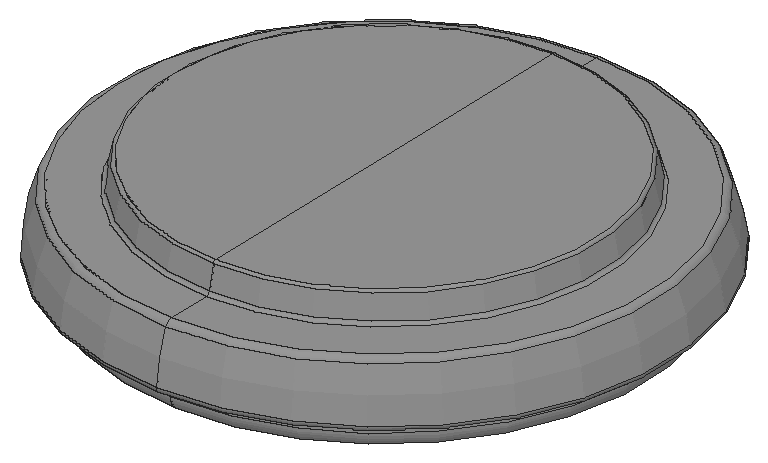
Revit family "FMK11_63_UN_Surface-mounted_ETK", category Lighting Fixtures, Revit 2017 (continued)
Definition of nested family "FMK.1 - Lightsource"
  Types (13, lengths in mm): name | Wattage Comments | Photometric Web File | built-in parameter 1150142 | Apparent Load
    FMK.1139.10N - Ø250x48 / 12W | "12W" | "FMK.1139.10n.ies" | "IESNA:LM-63-2002\r\n[TEST] /2015\r\n[TESTLAB] ies2eulumdat.appspot.com\r\n[ISSUEDATE] 2021-06-16T09:00:21.829\r\n[MANUFAC] www.etk.nl\r\n[LUMCAT] FMK.1109.10\r\n[LUMINAIRE] FMK.1 LED 12W 3000/4000/5700K ø250 niet dimbaar\r\n[LAMPCAT] LED\r\n[LAMP] LED\r\nTILT=NONE\r\n1\t1150\t1\t46\t180\t1\t2\t-0.250\t-0.250\t0\r\n1.0\t1.0\t11.80\r\n0\t 2\t 4\t 6\t 8\t 10\t 12\t 14\t 16\t 18\r\n20\t 22\t 24\t 26\t 28\t 30\t 32\t 34\t 36\t 38\r\n40\t 42\t 44\t 46\t 48\t 50\t 52\t 54\t 56\t 58\r\n60\t 62\t 64\t 66\t 68\t 70\t 72\t 74\t 76\t 78\r\n80\t 82\t 84\t 86\t 88\t 90\r\n0\t 2\t 4\t 6\t 8\t 10\t 12\t 14\t 16\t 18\r\n20\t 22\t 24\t 26\t 28\t 30\t 32\t 34\t 36\t 38\r\n40\t 42\t 44\t 46\t 48\t 50\t 52\t 54\t 56\t 58\r\n60\t 62\t 64\t 66\t 68\t 70\t 72\t 74\t 76\t 78\r\n80\t 82\t 84\t 86\t 88\t 90\t 92\t 94\t 96\t 98\r\n100\t 102\t 104\t 106\t 108\t 110\t 112\t 114\t 116\t 118\r\n120\t 122\t 124\t 126\t 128\t 130\t 132\t 134\t 136\t 138\r\n140\t 142\t 144\t 146\t 148\t 150\t 152\t 154\t 156\t 158\r\n160\t 162\t 164\t 166\t 168\t 170\t 172\t 174\t 176\t 178\r\n180\t 182\t 184\t 186\t 188\t 190\t 192\t 194\t 196\t 198\r\n200\t 202\t 204\t 206\t 208\t 210\t 212\t 214\t 216\t 218\r\n220\t 222\t 224\t 226\t 228\t 230\t 232\t 234\t 236\t 238\r\n240\t 242\t 244\t 246\t 248\t 250\t 252\t 254\t 256\t 258\r\n260\t 262\t 264\t 266\t 268\t 270\t 272\t 274\t 276\t 278\r\n280\t 282\t 284\t 286\t 288\t 290\t 292\t 294\t 296\t 298\r\n300\t 302\t 304\t 306\t 308\t 310\t 312\t 314\t 316\t 318\r\n320\t 322\t 324\t 326\t 328\t 330\t 332\t 334\t 336\t 338\r\n340\t 342\t 344\t 346\t 348\t 350\t 352\t 354\t 356\t 358\r\n\r\n405.3384\t404.7765\t404.2265\t402.9975\t401.1013\t399.2051\t395.3191\t391.4331\t387.5471\t383.661\r\n379.7751\t373.4779\t367.169\t360.8717\t354.5746\t348.2657\t339.7094\t331.1415\t322.5852\t314.029\r\n305.461\t294.8096\t284.1582\t273.5069\t262.8555\t252.2041\t239.7267\t227.261\t214.7837\t202.3181\r\n189.8525\t177.3751\t164.9094\t152.432\t139.9664\t127.4891\t0\t0\t0\t0\r\n0\t0\t0\t0\t0\t0\r\n405.3384\t404.7925\t404.2577\t403.0448\t401.1686\t399.2994\t395.4335\t391.5606\t387.7102\t383.8203\r\n379.9334\t373.6444\t367.3443\t361.0453\t354.7325\t348.4388\t339.8983\t331.3616\t322.8117\t314.2627\r\n305.722\t295.0872\t284.4404\t273.8022\t263.1576\t252.5163\t240.0548\t227.5873\t215.131\t202.664\r\n190.1945\t177.7378\t165.2697\t152.8012\t140.3312\t128.1946\t0.3296\t0\t0\t0\r\n0\t0\t0\t0\t0\t0\r\n405.3384\t404.8094\t404.2892\t403.0935\t401.2796\t399.4809\t395.6213\t391.7396\t387.8385\t383.9437\r\n380.072\t373.802\t367.5085\t361.2065\t354.9129\t348.6531\t340.137\t331.5961\t323.0451\t314.5012\r\n305.9895\t295.3818\t284.734\t274.0862\t263.4264\t252.8071\t240.376\t227.9231\t215.4572\t202.995\r\n190.53\t178.0631\t165.6056\t153.1389\t140.6717\t129.4859\t1.3419\t0\t0\t0\r\n0\t0\t0\t0\t0\t0\r\n405.3384\t404.8271\t404.3209\t403.1488\t401.3532\t399.5783\t395.7291\t391.8382\t387.9181\t384.0265\r\n380.1901\t373.9544\t367.6616\t361.3486\t355.0482\t348.8012\t340.3437\t331.8018\t323.2501\t314.6929\r\n306.2129\t295.662\t285.012\t274.3604\t263.7094\t253.1247\t240.74\t228.2758\t215.8122\t203.3491\r\n190.8749\t178.4127\t165.9503\t153.4898\t141.027\t131.3458\t3.1025\t0\t0\t0\r\n0\t0\t0\t0\t0\t0\r\n405.3384\t404.8458\t404.3591\t403.1978\t401.4167\t399.6486\t395.7816\t391.8937\t388.0038\t384.1068\r\n380.2987\t374.1143\t367.817\t361.5156\t355.2003\t348.9967\t340.5979\t332.043\t323.4957\t314.942\r\n306.4955\t295.9896\t285.3021\t274.6328\t263.9659\t253.4202\t241.0823\t228.6129\t216.1591\t203.6915\r\n191.2234\t178.7558\t166.3001\t153.8352\t141.371\t133.6544\t5.718\t0\t0\t0\r\n0\t0\t0\t0\t0\t0\r\n405.3384\t404.8652\t404.3908\t403.2459\t401.4706\t399.6646\t395.8675\t391.9843\t388.0857\t384.1821\r\n380.4316\t374.3456\t368.0256\t361.7021\t355.3697\t349.2\t340.8799\t332.2872\t323.6935\t315.0968\r\n306.6804\t296.3012\t285.6181\t274.9391\t264.248\t253.707\t241.4578\t228.9766\t216.4988\t204.0245\r\n191.5571\t179.0864\t166.6186\t154.1544\t141.6922\t136.24\t9.3369\t0\t0\t0\r\n0\t0\t0\t0\t0\t0\r\n405.3384\t404.8854\t404.4219\t403.2933\t401.5055\t399.7186\t395.9651\t392.0842\t388.1903\t384.3067\r\n380.5784\t374.5562\t368.2162\t361.8639\t355.4958\t349.3364\t341.1183\t332.5123\t323.9013\t315.2964\r\n306.9063\t296.6299\t285.9122\t275.1976\t264.4831\t253.9575\t241.8218\t229.3201\t216.8328\t204.3396\r\n191.8483\t179.3695\t166.8926\t154.4222\t141.9565\t138.8551\t14.1501\t0\t0\t0\r\n0\t0\t0\t0\t0\t0\r\n405.3384\t404.9066\t404.4521\t403.3398\t401.5506\t399.7766\t396.0731\t392.2029\t388.3231\t384.3922\r\n380.6589\t374.7488\t368.3792\t361.9898\t355.5837\t349.4181\t341.3685\t332.7528\t324.1099\t315.4532\r\n307.0598\t296.9581\t286.2249\t275.4731\t264.7159\t254.1799\t242.1928\t229.6762\t217.1659\t204.6692\r\n192.1717\t179.6758\t167.1817\t154.6978\t142.2295\t141.3105\t20.401\t0\t0\t0\r\n0\t0\t0\t0\t0\t0\r\n405.3384\t404.9688\t404.4817\t403.3908\t401.5946\t399.8358\t396.2032\t392.3475\t388.4203\t384.4425\r\n380.7195\t374.9437\t368.5473\t362.1238\t355.6851\t349.5134\t341.9282\t332.9785\t324.3069\t315.6402\r\n306.9436\t297.5694\t286.5262\t275.7395\t264.9593\t254.1623\t242.7912\t230.0358\t217.5005\t204.986\r\n192.4711\t179.9636\t167.4644\t154.9748\t142.4941\t143.2492\t28.3764\t0\t0\t0\r\n0\t0\t0\t0\t0\t0\r\n405.3384\t404.9901\t404.5102\t403.434\t401.6375\t399.8986\t396.3675\t392.4653\t388.4946\t384.4886\r\n380.7515\t375.1532\t368.7296\t362.2829\t355.7949\t349.2691\t342.1908\t333.257\t324.528\t315.7751\r\n307.0363\t297.9246\t286.8722\t276.0236\t265.1733\t254.3419\t243.18\t230.433\t217.8766\t205.3224\r\n192.7845\t180.2462\t167.7206\t155.2142\t142.724\t144.3059\t38.4235\t0\t0\t0\r\n0\t0\t0\t0\t0\t0\r\n405.3384\t405.0108\t404.5376\t403.4745\t401.6757\t399.9613\t396.5103\t392.5677\t388.5717\t384.5293\r\n380.4421\t375.6788\t368.9428\t362.4278\t355.8852\t349.3419\t342.4468\t333.4846\t324.7196\t315.9401\r\n307.1422\t298.1755\t287.1691\t276.2852\t265.4162\t254.5351\t243.54\t230.8321\t218.2158\t205.6051\r\n193.0422\t180.5018\t167.9628\t155.4439\t142.9509\t130.4715\t80.1717\t0\t0\t0\r\n0\t0\t0\t0\t0\t0\r\n405.3384\t405.0308\t404.5638\t403.5122\t401.7197\t400.0344\t396.6479\t392.675\t388.642\t384.5539\r\n380.446\t375.8849\t369.1475\t362.5941\t356.0076\t349.3402\t342.606\t333.7678\t324.9507\t316.0958\r\n307.1888\t298.3823\t287.5427\t276.5987\t265.6547\t254.6769\t243.7733\t231.1892\t218.5583\t205.9536\r\n193.3574\t180.7795\t168.2176\t155.6732\t143.1664\t130.6811\t92.6587\t0\t0\t0\r\n0\t0\t0\t0\t0\t0\r\n405.3384\t405.0504\t404.5956\t403.547\t401.7653\t400.0733\t397.0342\t392.7846\t388.7175\t384.6009\r\n380.4658\t376.0643\t369.3866\t362.7735\t356.0799\t349.3699\t342.7566\t334.0832\t325.1628\t316.2179\r\n307.2752\t298.5357\t287.9146\t276.8913\t265.8705\t254.8646\t244.0337\t231.6235\t218.9315\t206.265\r\n193.6356\t181.0339\t168.4572\t155.9156\t143.3861\t130.8825\t104.473\t0\t0\t0\r\n0\t0\t0\t0\t0\t0\r\n405.3384\t405.0692\t404.6173\t403.5726\t401.812\t400.0922\t397.1653\t392.8976\t388.795\t384.6787\r\n380.4567\t376.1942\t369.6246\t362.9226\t356.2055\t349.4272\t342.8367\t334.3769\t325.3805\t316.3703\r\n307.3625\t298.3377\t288.5546\t277.2123\t266.1258\t255.0391\t244.1559\t232.0335\t219.3073\t206.6258\r\n193.9576\t181.3129\t168.7045\t156.1324\t143.5875\t131.0872\t115.0185\t0\t0\t0\r\n0\t0\t0\t0\t0\t0\r\n405.3384\t405.0876\t404.6362\t403.6022\t401.8688\t399.828\t397.2783\t392.9976\t388.9023\t384.7385\r\n380.4432\t376.2623\t369.8607\t363.1303\t356.3361\t349.4819\t342.5273\t334.9205\t325.6274\t316.563\r\n307.4647\t298.325\t288.8953\t277.552\t266.3836\t255.2249\t244.066\t232.6598\t219.71\t206.9637\r\n194.2635\t181.5828\t168.9417\t156.3369\t143.7678\t131.2452\t123.6219\t0\t0\t0\r\n0\t0\t0\t0\t0\t0\r\n405.3384\t405.1054\t404.6527\t403.6299\t401.9954\t399.8313\t397.3825\t393.1311\t389.0376\t384.7914\r\n380.4256\t376.2601\t370.1442\t363.3441\t356.5\t349.5195\t342.4467\t335.1645\t325.9313\t316.7695\r\n307.548\t298.3169\t289.1161\t277.9297\t266.651\t255.4032\t244.1853\t232.9715\t220.1319\t207.3312\r\n194.5444\t181.8166\t169.148\t156.5181\t143.9438\t131.4005\t129.5504\t10.7169\t0\t0\r\n0\t0\t0\t0\t0\t0\r\n405.3384\t405.1227\t404.6665\t403.6558\t402.0282\t399.8387\t397.4732\t393.2952\t389.1616\t384.8421\r\n380.4176\t375.9014\t370.721\t363.6037\t356.6569\t349.5494\t342.4061\t335.3294\t326.2421\t316.9739\r\n307.6665\t298.3454\t289.1781\t278.2878\t266.963\t255.6467\t244.3238\t233.1536\t220.5163\t207.6577\r\n194.8355\t182.0686\t169.3482\t156.6677\t144.0408\t131.4715\t131.8453\t25.923\t0\t0\r\n0\t0\t0\t0\t0\t0\r\n405.3384\t405.1396\t404.6776\t403.6776\t402.0538\t399.8619\t397.5341\t393.5083\t389.2881\t384.8846\r\n380.4261\t375.832\t370.9139\t363.9038\t356.8028\t349.6355\t342.4017\t335.332\t326.5796\t317.2212\r\n307.8198\t298.3417\t288.8594\t278.9905\t267.339\t255.8866\t244.4302\t233.0061\t221.1259\t208.0094\r\n195.1274\t182.2902\t169.5075\t156.7928\t144.1389\t131.538\t118.9821\t72.5747\t0\t0\r\n0\t0\t0\t0\t0\t0\r\n405.3384\t405.1559\t404.686\t403.7113\t402.0482\t399.882\t397.6063\t393.7003\t389.4083\t384.9648\r\n380.4586\t375.7543\t371.0891\t364.165\t357.0131\t349.7518\t342.4103\t334.9484\t327.1548\t317.4999\r\n307.9709\t298.3923\t288.8332\t279.2321\t267.7019\t256.1485\t244.593\t233.049\t221.4516\t208.379\r\n195.4187\t182.5259\t169.6952\t156.9157\t144.2105\t131.5685\t118.9925\t91.6472\t0\t0\r\n0\t0\t0\t0\t0\t0\r\n405.3384\t405.1718\t404.6918\t403.7304\t402.0748\t399.9057\t397.6713\t393.8957\t389.5114\t385.088\r\n380.4979\t375.7076\t371.0587\t364.4889\t357.2386\t349.9042\t342.4218\t334.8539\t327.2884\t317.8216\r\n308.1836\t298.5219\t288.784\t279.2695\t268.1369\t256.4569\t244.7869\t233.1079\t221.6219\t208.7797\r\n195.7476\t182.7712\t169.842\t157.0084\t144.2669\t131.5897\t118.9856\t106.3522\t0\t0\r\n0\t0\t0\t0\t0\t0\r\n405.3384\t405.1872\t404.677\t403.7455\t402.1069\t399.9332\t397.7438\t394.3242\t389.6719\t385.2237\r\n380.5442\t375.6807\t370.6129\t365.0631\t357.5309\t350.0674\t342.4859\t334.7817\t327.2448\t318.4473\r\n308.4635\t298.6371\t288.784\t278.8955\t268.7927\t256.8209\t244.9966\t233.2361\t221.4851\t209.3772\r\n196.0586\t182.9925\t170.014\t157.1221\t144.303\t131.5659\t118.922\t115.4507\t0.7529\t0\r\n0\t0\t0\t0\t0\t0\r\n405.3384\t405.2023\t404.5924\t403.7567\t402.1445\t399.9518\t397.5215\t394.4699\t389.8906\t385.382\r\n380.6063\t375.6074\t370.4961\t365.1827\t357.8531\t350.2794\t342.5728\t334.767\t326.8088\t318.7303\r\n308.7717\t298.8224\t288.8326\t278.8036\t268.8778\t257.2662\t245.3121\t233.3885\t221.4719\t209.6291\r\n196.4163\t183.2663\t170.1886\t157.217\t144.3317\t131.5459\t118.8227\t106.1876\t17.4697\t0\r\n0\t0\t0\t0\t0\t0\r\n405.3384\t405.217\t404.5944\t403.7643\t402.2164\t399.9969\t397.5215\t394.5348\t390.1198\t385.5481\r\n380.6842\t375.579\t370.3695\t365.1761\t358.5091\t350.5396\t342.7377\t334.7731\t326.7113\t318.7291\r\n309.1553\t299.0695\t288.9289\t278.7193\t268.5571\t257.9194\t245.6422\t233.5555\t221.5159\t209.6959\r\n196.8141\t183.564\t170.3986\t157.3153\t144.3298\t131.4311\t118.6433\t105.963\t65.2493\t0\r\n0\t0\t0\t0\t0\t0\r\n405.3384\t405.2314\t404.597\t403.7683\t402.259\t400.1387\t397.5142\t394.6254\t390.3718\t385.7346\r\n380.7618\t375.6336\t370.2359\t364.7113\t358.7633\t350.8369\t342.942\t334.8576\t326.6208\t318.2983\r\n309.7123\t299.3766\t289.0811\t278.7695\t268.3526\t258.0866\t246.0418\t233.822\t221.6258\t209.5032\r\n197.3492\t183.8918\t170.5912\t157.4067\t144.3357\t131.3476\t118.48\t105.7362\t86.9291\t0\r\n0\t0\t0\t0\t0\t0\r\n405.3384\t405.2454\t404.6007\t403.7691\t402.2969\t400.2013\t397.5194\t394.7022\t390.8756\t385.9297\r\n380.8283\t375.6809\t370.2029\t364.5257\t358.7975\t351.2443\t343.1931\t334.9798\t326.6184\t318.1094\r\n309.6994\t299.7814\t289.3562\t278.8261\t268.235\t257.6488\t246.725\t234.1375\t221.8235\t209.5282\r\n197.4412\t184.2693\t170.8692\t157.5318\t144.3183\t131.2485\t118.3192\t105.4985\t99.8452\t0\r\n0\t0\t0\t0\t0\t0\r\n405.3384\t405.2465\t404.6055\t403.7327\t402.33\t400.28\t397.5374\t394.7758\t391.1064\t386.1222\r\n380.9814\t375.6963\t370.1916\t364.3689\t358.3019\t351.8681\t343.551\t335.1761\t326.6651\t318.0094\r\n309.224\t300.3263\t289.676\t278.9673\t268.2109\t257.4449\t246.79\t234.5954\t222.0662\t209.6096\r\n197.2538\t184.796\t171.1111\t157.6776\t144.3725\t131.1929\t118.1378\t105.2239\t92.4606\t7.417\r\n0\t0\t0\t0\t0\t0\r\n405.3384\t405.26\t404.6117\t403.7331\t402.3583\t400.3318\t397.5727\t394.5667\t391.2865\t386.3445\r\n381.2477\t375.7985\t370.1959\t364.244\t358.0878\t351.9228\t343.9437\t335.4465\t326.8059\t317.9911\r\n309.0489\t300.2024\t290.2985\t279.2004\t268.2951\t257.2789\t246.344\t235.2056\t222.4167\t209.7955\r\n197.2042\t184.8605\t171.4948\t157.9091\t144.4487\t131.1247\t117.9609\t104.9565\t92.1149\t52.9313\r\n0\t0\t0\t0\t0\t0\r\n405.3384\t405.2736\t404.6193\t403.7351\t402.3811\t400.3748\t397.6302\t394.5872\t391.3781\t386.8119\r\n381.4951\t375.9993\t370.2514\t364.1293\t357.9116\t351.3889\t344.5079\t335.822\t327.0416\t318.0736\r\n308.9557\t299.6921\t290.3569\t279.5927\t268.421\t257.3226\t246.1\t234.903\t222.8814\t210.0311\r\n197.2958\t184.6475\t172.0079\t158.165\t144.5452\t131.0796\t117.7978\t104.7315\t91.8426\t76.8551\r\n0\t0\t0\t0\t0\t0\r\n405.3384\t405.2871\t404.6284\t403.7382\t402.383\t400.4092\t397.8019\t394.6157\t391.382\t386.9759\r\n381.7537\t376.2214\t370.3501\t364.1175\t357.7917\t351.1064\t344.4201\t336.5393\t327.3814\t318.2587\r\n308.9705\t299.4656\t289.8818\t280.0753\t268.8078\t257.4031\t245.984\t234.5829\t223.2864\t210.4452\r\n197.4796\t184.6232\t171.8738\t158.4916\t144.6856\t131.1101\t117.7175\t104.5034\t91.5471\t87.0893\r\n0\t0\t0\t0\t0\t0\r\n405.3384\t405.3008\t404.6392\t403.7418\t402.3989\t400.4352\t397.8747\t394.6614\t391.0674\t387.1128\r\n382.2229\t376.4632\t370.4832\t364.2203\t357.7251\t350.8963\t343.8101\t336.6669\t327.8215\t318.561\r\n309.1145\t299.4337\t289.6313\t279.6987\t269.4041\t257.6346\t246.0417\t234.3777\t222.7877\t211.0609\r\n197.8041\t184.6956\t171.7174\t158.9026\t144.9461\t131.1605\t117.657\t104.3263\t91.2411\t78.3968\r\n8.6356\t0\t0\t0\t0\t0\r\n405.3384\t405.3146\t404.6518\t403.7453\t402.4116\t400.4333\t397.9374\t394.7255\t391.0189\t387.2362\r\n382.4741\t376.7553\t370.621\t364.3583\t357.712\t350.7498\t343.5434\t336.0689\t328.3754\t318.9975\r\n309.3575\t299.5473\t289.484\t279.3984\t269.2587\t258.261\t246.2079\t234.3624\t222.4746\t210.6739\r\n198.3975\t184.9162\t171.7187\t158.643\t145.2545\t131.3415\t117.6016\t104.16\t90.981\t78.0548\r\n54.1337\t0\t0\t0\t0\t0\r\n405.3384\t405.4889\t404.6945\t403.6712\t402.4205\t400.4506\t397.9834\t394.8928\t390.9998\t386.973\r\n382.6577\t377.3141\t370.8707\t364.5641\t357.7877\t350.7046\t343.3801\t335.7208\t327.8525\t319.6767\r\n309.7968\t299.7787\t289.6134\t279.2245\t268.6962\t258.2578\t246.6038\t234.4814\t222.3847\t210.2821\r\n198.4381\t185.3347\t171.8446\t158.564\t145.4985\t131.5442\t117.6455\t104.0124\t90.7095\t77.7184\r\n71.0115\t0\t0\t0\t0\t0\r\n405.3384\t405.5009\t404.7104\t403.6809\t402.4254\t400.4644\t398.0198\t394.9896\t391.014\t386.9406\r\n382.6666\t377.537\t371.2201\t364.837\t357.9545\t350.7593\t343.2926\t335.5022\t327.46\t319.1538\r\n310.4783\t300.1684\t289.8497\t279.2431\t268.5397\t257.661\t246.8589\t234.8353\t222.4783\t210.092\r\n197.8192\t185.7046\t172.2109\t158.5712\t145.1721\t131.9025\t117.7262\t103.9048\t90.5045\t77.4349\r\n64.724\t0\t0\t0\t0\t0\r\n405.3384\t405.512\t404.7274\t403.6949\t402.4256\t400.4737\t398.0459\t395.0319\t391.1349\t386.9314\r\n382.368\t377.565\t371.7894\t365.1647\t358.2122\t350.925\t343.2805\t335.4297\t327.1908\t318.7224\r\n309.9642\t300.886\t290.2777\t279.5029\t268.5805\t257.4726\t246.2239\t235.0727\t222.7881\t210.1727\r\n197.5617\t185.0625\t172.6371\t158.8143\t145.0846\t131.6118\t117.8827\t103.9322\t90.3265\t77.1744\r\n64.48\t35.0653\t0\t0\t0\t0\r\n405.3384\t405.522\t404.7455\t403.7452\t402.4209\t400.4773\t398.0588\t395.0488\t391.1753\t387.0135\r\n382.3352\t377.2242\t371.9159\t365.7147\t358.5534\t351.2243\t343.4254\t335.4792\t327.0606\t318.4772\r\n309.4696\t300.3065\t290.8705\t280.0089\t268.8629\t257.5392\t246.0377\t234.4621\t222.8965\t210.6316\r\n197.5873\t184.7291\t171.9505\t159.2993\t145.2866\t131.4601\t118.0115\t103.9741\t90.2222\t76.9361\r\n64.1798\t56.618\t0\t0\t0\t0\r\n405.3384\t405.5308\t404.7649\t403.7651\t402.3395\t400.4737\t398.0593\t395.0424\t391.207\t387.0567\r\n382.3506\t377.1527\t371.6378\t365.821\t359.1154\t351.6039\t343.7387\t335.6237\t327.116\t318.3892\r\n309.185\t299.8538\t290.1589\t280.4669\t269.6277\t257.8645\t246.1541\t234.2897\t222.3665\t210.3175\r\n198.0481\t184.7232\t171.6272\t158.6683\t145.768\t131.577\t117.6798\t104.1455\t90.1031\t76.7097\r\n63.9092\t51.7004\t0\t0\t0\t0\r\n405.3384\t405.5388\t404.7856\t403.7878\t402.34\t400.4766\t398.0469\t395.016\t391.2276\t387.086\r\n382.4782\t377.1848\t371.6139\t365.5258\t359.2193\t352.1252\t344.383\t335.9209\t327.3527\t318.4608\r\n309.1505\t299.601\t289.7392\t279.6691\t269.2868\t258.5846\t246.5891\t234.456\t222.2595\t209.9698\r\n197.5743\t185.146\t171.655\t158.2647\t145.101\t132.0467\t117.7168\t103.7776\t90.1162\t76.5416\r\n63.6537\t51.4481\t11.4644\t0\t0\t0\r\n405.3384\t405.5455\t404.8079\t403.8136\t402.3469\t400.3632\t398.021\t394.9736\t391.2361\t387.0991\r\n382.4999\t377.3413\t371.7228\t365.4801\t358.9167\t352.0852\t344.7107\t336.4982\t327.7775\t318.7203\r\n309.3167\t299.5744\t289.5996\t279.3072\t268.7148\t257.8887\t247.047\t235.2639\t222.5436\t209.9771\r\n197.2699\t184.5597\t171.885\t158.2865\t144.6692\t131.337\t118.1829\t103.7905\t89.9666\t76.4265\r\n63.4089\t51.1676\t44.0861\t0\t0\t0\r\n405.3384\t405.5513\t404.9774\t403.8429\t402.3609\t400.3505\t397.8886\t394.8898\t391.2407\t387.0953\r\n382.4979\t377.3824\t371.7634\t365.5989\t358.905\t351.812\t344.4396\t336.63\t328.3847\t319.3177\r\n309.7407\t299.8087\t289.728\t279.2246\t268.459\t257.4328\t246.1417\t234.7065\t223.2024\t210.4254\r\n197.4644\t184.3923\t171.2764\t158.1367\t144.9817\t130.9885\t117.4819\t104.1949\t89.9202\t76.3115\r\n63.1698\t50.8615\t39.4911\t0\t0\t0\r\n405.3384\t405.5559\t404.9992\t403.8756\t402.382\t400.349\t397.8573\t394.7468\t391.2145\t387.0848\r\n382.4587\t377.3893\t371.7642\t365.6347\t359.0468\t351.9462\t344.3869\t336.3706\t328.1386\t319.4674\r\n310.3444\t300.4744\t290.1739\t279.4322\t268.5321\t257.3547\t245.836\t234.1207\t222.3374\t210.1954\r\n198.078\t184.7804\t171.3331\t157.8412\t144.3958\t131.1966\t117.2105\t103.4803\t90.2145\t76.2405\r\n62.9998\t50.5463\t39.207\t5.7837\t0\t0\r\n
